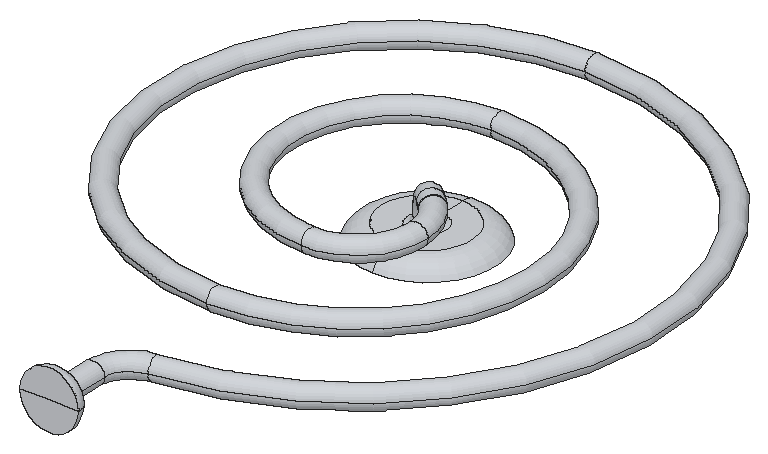
Revit family
Parameters (values of type "900 x 780mm")
  Material = none
  Manufacturer = "Revit"
  Assembly Code = ""
Types (2, lengths in mm): name | Assembly Code
  Type 1 | "D2010710"
  900 x 780mm | ""
Reference planes
  plane 1: y = 0
  plane 2 "Center (Left/Right)": x = 125
  plane 3 "Back": y = 75
Text (mm)
  text "Placement side" at (-1787.139, 592.35, 0), in view "Ref. Level"
  text "Placement side" at (0, 1827.695, 2917.686), in view "Left"
  text "Placement side" at (0, 562.268, 3853.606), in view "Right"
Dimensions and locks
  locked: plane 3 "Back" to host wall at 0
  aligned and locked: host wall to plane 1
  aligned and locked: nested 1 to plane 2 "Center (Left/Right)"
  aligned and locked: nested 1 to plane 3 "Back"
Nested families
  nested 1: "Shower" at (125, 596.619, 2200) x (0, -1, 0) z (0, 0, 1), type "Shower"
Definition of nested family "Shower"
  Parameters
    Material = none
    Manufacturer = "Revit"
    Description = "Shower"
    Assembly Code = "D2010710"
  Reference planes
    plane 1 "Center (Front/Back)": y = 0
    plane 2: z = 0
    plane 3 "Center (Left/Right)": x = 0
    plane 4: y = 80
    plane 5 "2": through (-56.569, 56.569, 0) normal (-0.7071, 0.7071, 0)
    plane 6: through (0, 0, 0) normal (0.7071, 0.7071, 0)
    plane 7: through (-38.34, -38.34, 0) normal (-0.7071, -0.7071, 0)
    plane 8: y = 18.229
    plane 9: x = 573.506
  Forms (mm)
    Sweep 1, solid, material <- "Material"
      path origin (0, 0, 0) x (1, 0, 0) y (0, 1, 0)
        loop
          line (497.214, 0) -> (447.214, 0)
          arc (447.214, 0) -> (413.88, 12.732) -> (397.523, 44.444) r 50
          arc (397.523, 44.444) -> (-22.257, 399.38) -> (-400, 0) r 400
          arc (-400, 0) -> (-80, -320) -> (240, 0) r 320
          arc (240, 0) -> (0, 240) -> (-240, 0) r 240
          arc (-240, 0) -> (-80, -160) -> (80, 0) r 160
          arc (80, 0) -> (56.569, 56.569) -> (0, 80) r 80
          arc (0, 80) -> (-30.615, 73.91) -> (-56.569, 56.569) r 80
      profile origin (0, 0, 0) x (-0.993808, -0.111111, 0) y (0, 0, 1)
        loop
          circle (-400, 0) r 15
    Sweep 2, solid, material <- "Material"
      path origin (-56.569, 56.569, 0) x (-0.707107, -0.707107, 0) y (0, 0, 1)
        loop
          line (0, 0) -> (15, 0)
          arc (15, 0) -> (42.733, -11.488) -> (54.221, -39.221) r 39.221
      profile origin (-5.303, -5.303, 0) x (0, 0, 1) y (-0.707107, 0.707107, 0)
        loop
          circle (0, 80) r 15
    Revolve 3, solid, material <- "Material"
      sketch origin (0, 18.229, 0) x (1, 0, 0) y (0, 0, 1)
        loop
          line (-94.908, -39.221) -> (-109.931, -39.221)
          arc (-109.931, -39.221) -> (-113.266, -46.266) -> (-120.515, -49.129) r 10.607
          line (-120.515, -49.129) -> (-155.503, -49.129)
          arc (-155.503, -49.129) -> (-174.485, -54.759) -> (-187.33, -69.827) r 34.819
          line (-187.33, -69.827) -> (-94.908, -69.827) -> (-94.908, -39.221)
        axis (-94.908, -39.221) -> (-94.908, -69.827)
      angle from 0 to 360
    Revolve 4, solid, material <- "Material"
      sketch origin (0, 0, 0) x (1, 0, 0) y (0, 1, 0)
        loop
          line (497.214, 0) -> (521.619, 0) -> (521.619, 39.406)
          arc (521.619, 39.406) -> (504.362, 32.258) -> (497.214, 15) r 24.406
          line (497.214, 15) -> (497.214, 0)
        axis (497.214, 0) -> (521.619, 0)
      angle from 0 to 360
  Dimensions and locks
    aligned and locked: Sweep 2 sketch curve to Sweep 1  (x2)
